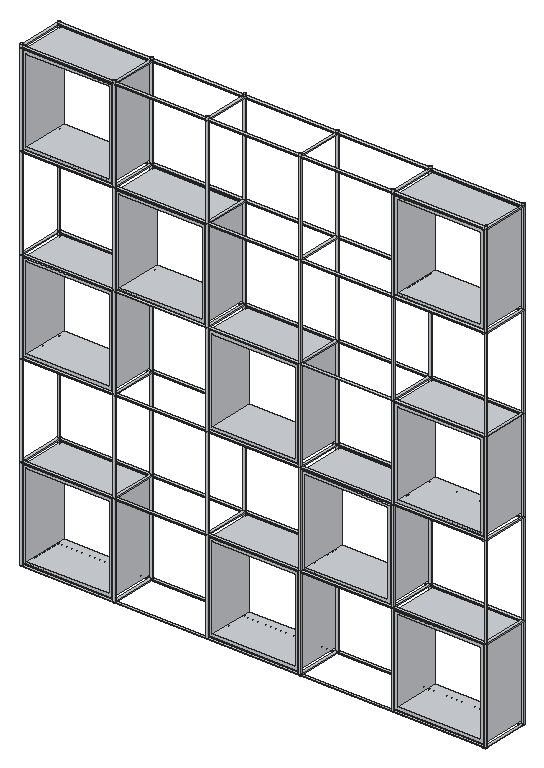
Revit family "Estante de Ferro Industrial - 5 x 5", category Mobiliário, Revit 2019
Family settings
  Número OmniClass = 23.40.20.00
  Título OmniClass = General Furniture and Specialties
  Com base no plano de trabalho = Não
  Sempre na vertical = Sim
  Corte com vazios quando carregada = Não
  Compartilhado = Não
  Ponto de cálculo do ambiente = Não
Parameters (values of type "Padrão")
  Profundidade [instance] = 20 cm
  Nicho = none
  Largura [instance] = 200 cm
  Estrutura = none
  Altura Nicho Horizontal [instance] = 18 cm
  Altura [instance] = 200 cm
Types (2, lengths in cm): name | Nicho | Estrutura
  Padrão | none | none
  200 x 200 x 20 | Madeira Nichos | Ferro Preto
Reference planes (cm)
  plane 1 "Centro (Frente/Trás)": y = 0
  plane 2: z = 0
  plane 3: x = 75
  plane 4: x = -124
  plane 5: y = 10
  plane 6: y = -10
  plane 7: z = 199
  plane 8: z = 39.8
  plane 9: z = 79.6
  plane 10: z = 119.4
  plane 11: z = 159.2
  plane 12: x = 35.2
  plane 13: x = -84.2
  plane 14: x = -4.6
  plane 15: x = -44.4
  plane 16: x = -124.5
  plane 17: x = 75.5
  plane 18: z = -0.5
  plane 19: z = 199.5
Forms (cm)
  Extrusion 1, solid, material <- "Estrutura"
    sketch origin (128.265, 32.5479, 0) x (1, 0, 0) y (0, 1, 0)
      loop
        circle (-53.265, -22.5479) r 0.5
      loop
        circle (-93.065, -22.5479) r 0.5
      loop
        circle (-132.865, -22.5479) r 0.5
      loop
        circle (-172.665, -22.5479) r 0.5
      loop
        circle (-212.465, -22.5479) r 0.5
      loop
        circle (-252.265, -22.5479) r 0.5
    from 0 to 200 <- "Altura"
  Extrusion 2, solid, material <- "Estrutura"
    sketch origin (0, 0, 0) x (0, 1, 0) y (0, 0, 1)
      loop
        circle (10, 199) r 0.5
      loop
        circle (10, 159.2) r 0.5
      loop
        circle (10, 39.8) r 0.5
      loop
        circle (10, 79.6) r 0.5
      loop
        circle (10, 119.4) r 0.5
      loop
        circle (10, 0) r 0.5
    from -124 to 75
  Extrusion 3, solid, material <- "Estrutura"
    sketch origin (0, -23.5, 0) x (0, 1, 0) y (0, 0, 1)
      loop
        circle (13.5, 199) r 0.5
      loop
        circle (13.5, 159.2) r 0.5
      loop
        circle (13.5, 39.8) r 0.5
      loop
        circle (13.5, 79.6) r 0.5
      loop
        circle (13.5, 119.4) r 0.5
      loop
        circle (13.5, 0) r 0.5
    from -124 to 75
  Extrusion 4, solid, material <- "Estrutura"
    sketch origin (128.265, 12.5479, 0) x (1, 0, 0) y (0, 1, 0)
      loop
        circle (-53.265, -22.5479) r 0.5
      loop
        circle (-93.065, -22.5479) r 0.5
      loop
        circle (-132.865, -22.5479) r 0.5
      loop
        circle (-172.665, -22.5479) r 0.5
      loop
        circle (-212.465, -22.5479) r 0.5
      loop
        circle (-252.265, -22.5479) r 0.5
    from 0 to 200 <- "Altura"
  Extrusion 5, solid, material <- "Estrutura"
    sketch origin (0, 0, 0) x (1, 0, 0) y (0, 0, 1)
      loop
        circle (-124, 199) r 0.5
      loop
        circle (-84.2, 199) r 0.5
      loop
        circle (-44.4, 199) r 0.5
      loop
        circle (-4.6, 199) r 0.5
      loop
        circle (35.2, 199) r 0.5
      loop
        circle (75, 199) r 0.5
      loop
        circle (-124, 159.2) r 0.5
      loop
        circle (-84.2, 159.2) r 0.5
      loop
        circle (-44.4, 159.2) r 0.5
      loop
        circle (-4.6, 159.2) r 0.5
      loop
        circle (35.2, 159.2) r 0.5
      loop
        circle (75, 159.2) r 0.5
      loop
        circle (-124, 119.4) r 0.5
      loop
        circle (-84.2, 119.4) r 0.5
      loop
        circle (-44.4, 119.4) r 0.5
      loop
        circle (-4.6, 119.4) r 0.5
      loop
        circle (35.2, 119.4) r 0.5
      loop
        circle (75, 119.4) r 0.5
      loop
        circle (-124, 79.6) r 0.5
      loop
        circle (-84.2, 79.6) r 0.5
      loop
        circle (-44.4, 79.6) r 0.5
      loop
        circle (-4.6, 79.6) r 0.5
      loop
        circle (35.2, 79.6) r 0.5
      loop
        circle (75, 79.6) r 0.5
      loop
        circle (-124, 39.8) r 0.5
      loop
        circle (-84.2, 39.8) r 0.5
      loop
        circle (-44.4, 39.8) r 0.5
      loop
        circle (-4.6, 39.8) r 0.5
      loop
        circle (35.2, 39.8) r 0.5
      loop
        circle (75, 39.8) r 0.5
      loop
        circle (-124, 0) r 0.5
      loop
        circle (-84.2, 0) r 0.5
      loop
        circle (-44.4, 0) r 0.5
      loop
        circle (-4.6, 0) r 0.5
      loop
        circle (35.2, 0) r 0.5
      loop
        circle (75, 0) r 0.5
    from -10 to 10
  Extrusion 6, solid, material <- "Nicho"
    sketch origin (0, 0, 0) x (1, 0, 0) y (0, 0, 1)
      loop
        line (-123, 80.6) -> (-85.2, 80.6) -> (-85.2, 118.4) -> (-123, 118.4) -> (-123, 80.6)
      loop
        line (-122, 117.4) -> (-122, 81.6) -> (-86.2, 81.6) -> (-86.2, 117.4) -> (-122, 117.4)
    from -10 to 10
  Extrusion 7, solid, material <- "Nicho"
    sketch origin (79.6, 0, 0) x (1, 0, 0) y (0, 0, 1)
      loop
        line (-123, 80.6) -> (-85.2, 80.6) -> (-85.2, 118.4) -> (-123, 118.4) -> (-123, 80.6)
      loop
        line (-122, 117.4) -> (-122, 81.6) -> (-86.2, 81.6) -> (-86.2, 117.4) -> (-122, 117.4)
    from -10 to 10
  Extrusion 8, solid, material <- "Nicho"
    sketch origin (159.2, 0, 0) x (1, 0, 0) y (0, 0, 1)
      loop
        line (-123, 80.6) -> (-85.2, 80.6) -> (-85.2, 118.4) -> (-123, 118.4) -> (-123, 80.6)
      loop
        line (-122, 117.4) -> (-122, 81.6) -> (-86.2, 81.6) -> (-86.2, 117.4) -> (-122, 117.4)
    from -10 to 10
  Extrusion 9, solid, material <- "Nicho"
    sketch origin (0, 0, -79.6) x (1, 0, 0) y (0, 0, 1)
      loop
        line (-123, 80.6) -> (-85.2, 80.6) -> (-85.2, 118.4) -> (-123, 118.4) -> (-123, 80.6)
      loop
        line (-122, 117.4) -> (-122, 81.6) -> (-86.2, 81.6) -> (-86.2, 117.4) -> (-122, 117.4)
    from -10 to 10
  Extrusion 10, solid, material <- "Nicho"
    sketch origin (79.6, 0, -79.6) x (1, 0, 0) y (0, 0, 1)
      loop
        line (-123, 80.6) -> (-85.2, 80.6) -> (-85.2, 118.4) -> (-123, 118.4) -> (-123, 80.6)
      loop
        line (-122, 117.4) -> (-122, 81.6) -> (-86.2, 81.6) -> (-86.2, 117.4) -> (-122, 117.4)
    from -10 to 10
  Extrusion 11, solid, material <- "Nicho"
    sketch origin (159.2, 0, -79.6) x (1, 0, 0) y (0, 0, 1)
      loop
        line (-123, 80.6) -> (-85.2, 80.6) -> (-85.2, 118.4) -> (-123, 118.4) -> (-123, 80.6)
      loop
        line (-122, 117.4) -> (-122, 81.6) -> (-86.2, 81.6) -> (-86.2, 117.4) -> (-122, 117.4)
    from -10 to 10
  Extrusion 12, solid, material <- "Nicho"
    sketch origin (0, 0, 79.6) x (1, 0, 0) y (0, 0, 1)
      loop
        line (-123, 80.6) -> (-85.2, 80.6) -> (-85.2, 118.4) -> (-123, 118.4) -> (-123, 80.6)
      loop
        line (-122, 117.4) -> (-122, 81.6) -> (-86.2, 81.6) -> (-86.2, 117.4) -> (-122, 117.4)
    from -10 to 10
  Extrusion 13, solid, material <- "Nicho"
    sketch origin (159.2, 0, 79.6) x (1, 0, 0) y (0, 0, 1)
      loop
        line (-123, 80.6) -> (-85.2, 80.6) -> (-85.2, 118.4) -> (-123, 118.4) -> (-123, 80.6)
      loop
        line (-122, 117.4) -> (-122, 81.6) -> (-86.2, 81.6) -> (-86.2, 117.4) -> (-122, 117.4)
    from -10 to 10
  Extrusion 14, solid, material <- "Nicho"
    sketch origin (39.8, 0, 39.6) x (1, 0, 0) y (0, 0, 1)
      loop
        line (-123, 80.6) -> (-85.2, 80.6) -> (-85.2, 118.4) -> (-123, 118.4) -> (-123, 80.6)
      loop
        line (-122, 117.4) -> (-122, 81.6) -> (-86.2, 81.6) -> (-86.2, 117.4) -> (-122, 117.4)
    from -10 to 10
  Extrusion 15, solid, material <- "Nicho"
    sketch origin (119.4, 0, -40) x (1, 0, 0) y (0, 0, 1)
      loop
        line (-123, 80.6) -> (-85.2, 80.6) -> (-85.2, 118.4) -> (-123, 118.4) -> (-123, 80.6)
      loop
        line (-122, 117.4) -> (-122, 81.6) -> (-86.2, 81.6) -> (-86.2, 117.4) -> (-122, 117.4)
    from -10 to 10
Dimensions and locks (cm)
  equal spacing: plane 5, plane 1 "Centro (Frente/Trás)", plane 6
  "Profundidade": plane 5 to plane 6
  equal spacing: plane 4, plane 13, plane 15, plane 14, plane 12, plane 3
  "Largura": plane 16 to plane 17
  equal spacing: plane 7, plane 11, plane 10, plane 9, plane 8, level
  "Altura": plane 19 to plane 18
  plane 5 to plane 6 = 20 cm
  locked: plane 16 to plane 4 at 0.5
  locked: plane 3 to plane 17 at 0.5
  locked: plane 19 to plane 7 at 0.5
  locked: level to plane 18 at 0.5
  plane 4 to Extrusion 6 sketch curve = 1 cm
  plane 13 to Extrusion 6 sketch curve = 1 cm
  plane 10 to Extrusion 6 sketch curve = 1 cm
  Extrusion 6 sketch curve to plane 9 = 1 cm
  Extrusion 7 sketch curve to plane 15 = 1 cm
  plane 10 to Extrusion 7 sketch curve = 1 cm
  plane 14 to Extrusion 7 sketch curve = 1 cm
  Extrusion 7 sketch curve to plane 9 = 1 cm
  plane 12 to Extrusion 8 sketch curve = 1 cm  (x2)
  plane 10 to Extrusion 8 sketch curve = 1 cm
  Extrusion 8 sketch curve to plane 9 = 1 cm
  aligned and locked: level to plane 2
  aligned and locked: plane 7 to Extrusion 2 sketch curve
  aligned and locked: plane 11 to Extrusion 2 sketch curve
  aligned and locked: plane 10 to Extrusion 2 sketch curve
  aligned and locked: plane 9 to Extrusion 2 sketch curve
  aligned and locked: plane 8 to Extrusion 2 sketch curve
  aligned and locked: level to Extrusion 2 sketch curve
  aligned and locked: Extrusion 2 to plane 3
  aligned and locked: plane 4 to Extrusion 2
  aligned and locked: plane 4 to Extrusion 1 sketch curve
  aligned and locked: plane 13 to Extrusion 1 sketch curve
  aligned and locked: plane 15 to Extrusion 1 sketch curve
  aligned and locked: plane 14 to Extrusion 1 sketch curve
  aligned and locked: plane 12 to Extrusion 1 sketch curve
  aligned and locked: plane 3 to Extrusion 1 sketch curve
  aligned and locked: plane 6 to Extrusion 3 sketch curve  (x6)
  aligned and locked: level to Extrusion 3 sketch curve
  aligned and locked: plane 8 to Extrusion 3 sketch curve
  aligned and locked: plane 9 to Extrusion 3 sketch curve
  aligned and locked: plane 10 to Extrusion 3 sketch curve
  aligned and locked: plane 11 to Extrusion 3 sketch curve
  aligned and locked: plane 7 to Extrusion 3 sketch curve
  aligned and locked: plane 4 to Extrusion 3
  aligned and locked: plane 6 to Extrusion 4
  aligned and locked: plane 4 to Extrusion 4 sketch curve
  aligned and locked: plane 13 to Extrusion 4 sketch curve
  aligned and locked: plane 15 to Extrusion 4 sketch curve
  aligned and locked: plane 14 to Extrusion 4 sketch curve
  aligned and locked: plane 12 to Extrusion 4 sketch curve
  aligned and locked: plane 3 to Extrusion 4 sketch curve
  aligned and locked: plane 6 to Extrusion 4 sketch curve  (x6)
  aligned and locked: plane 4 to Extrusion 5 sketch curve  (x6)
  aligned and locked: plane 7 to Extrusion 5 sketch curve  (x6)
  aligned and locked: plane 3 to Extrusion 5 sketch curve  (x6)
  aligned and locked: Extrusion 5 sketch curve to plane 12
  aligned and locked: plane 14 to Extrusion 5 sketch curve  (x6)
  aligned and locked: plane 15 to Extrusion 5 sketch curve  (x6)
  aligned and locked: Extrusion 5 sketch curve to plane 13
  aligned and locked: plane 13 to Extrusion 5 sketch curve  (x5)
  aligned and locked: plane 12 to Extrusion 5 sketch curve  (x5)
  aligned and locked: level to Extrusion 5 sketch curve  (x6)
  aligned and locked: plane 8 to Extrusion 5 sketch curve  (x5)
  aligned and locked: plane 9 to Extrusion 5 sketch curve  (x5)
  aligned and locked: plane 10 to Extrusion 5 sketch curve  (x6)
  aligned and locked: plane 11 to Extrusion 5 sketch curve  (x6)
  aligned and locked: plane 5 to Extrusion 5
  aligned and locked: Extrusion 5 to plane 6
  aligned and locked: plane 5 to Extrusion 6
  aligned and locked: Extrusion 6 to plane 6
Automatic sketch dimensions
  Extrusion 1 sketch curve to plane 5 = 0 cm  (x6)
  Extrusion 2 sketch curve to plane 5 = 0 cm  (x6)
  Extrusion 5 sketch curve to plane 8 = 0 cm
  Extrusion 5 sketch curve to plane 9 = 0 cm
  Extrusion 5 sketch curve to plane 11 = 0 cm
  Extrusion 6 sketch curve to Extrusion 6 sketch curve = 1 cm  (x4)
  Extrusion 7 sketch curve to Extrusion 7 sketch curve = 1 cm  (x4)
  Extrusion 8 sketch curve to Extrusion 8 sketch curve = 1 cm  (x3)
  plane 3 to Extrusion 8 sketch curve = 2 cm
  plane 3 to Extrusion 8 sketch curve = 1 cm
  Extrusion 9 sketch curve to plane 4 = 1 cm
  Extrusion 9 sketch curve to Extrusion 9 sketch curve = 1 cm  (x2)
  plane 13 to Extrusion 9 sketch curve = 2 cm
  plane 13 to Extrusion 9 sketch curve = 1 cm
  level to Extrusion 9 sketch curve = 1 cm
  Extrusion 9 sketch curve to plane 8 = 2 cm
  Extrusion 9 sketch curve to plane 8 = 1 cm
  plane 15 to Extrusion 10 sketch curve = 1 cm
  Extrusion 10 sketch curve to Extrusion 10 sketch curve = 1 cm  (x2)
  Extrusion 10 sketch curve to plane 14 = 2 cm
  Extrusion 10 sketch curve to plane 14 = 1 cm
  level to Extrusion 10 sketch curve = 1 cm
  Extrusion 10 sketch curve to plane 8 = 2 cm
  Extrusion 10 sketch curve to plane 8 = 1 cm
  Extrusion 11 sketch curve to plane 12 = 1 cm
  Extrusion 11 sketch curve to Extrusion 11 sketch curve = 1 cm  (x2)
  plane 3 to Extrusion 11 sketch curve = 2 cm
  plane 3 to Extrusion 11 sketch curve = 1 cm
  level to Extrusion 11 sketch curve = 1 cm
  Extrusion 11 sketch curve to plane 8 = 2 cm
  Extrusion 11 sketch curve to plane 8 = 1 cm
  Extrusion 12 sketch curve to plane 4 = 1 cm
  Extrusion 12 sketch curve to Extrusion 12 sketch curve = 1 cm  (x2)
  plane 13 to Extrusion 12 sketch curve = 2 cm
  plane 13 to Extrusion 12 sketch curve = 1 cm
  plane 11 to Extrusion 12 sketch curve = 1 cm
  Extrusion 12 sketch curve to plane 7 = 2 cm
  Extrusion 12 sketch curve to plane 7 = 1 cm
  Extrusion 13 sketch curve to plane 12 = 1 cm
  Extrusion 13 sketch curve to Extrusion 13 sketch curve = 1 cm  (x2)
  plane 3 to Extrusion 13 sketch curve = 2 cm
  plane 3 to Extrusion 13 sketch curve = 1 cm
  plane 11 to Extrusion 13 sketch curve = 1 cm
  Extrusion 13 sketch curve to plane 7 = 2 cm
  Extrusion 13 sketch curve to plane 7 = 1 cm
  Extrusion 14 sketch curve to plane 13 = 1 cm
  Extrusion 14 sketch curve to Extrusion 14 sketch curve = 1 cm  (x2)
  Extrusion 14 sketch curve to plane 15 = 2 cm
  Extrusion 14 sketch curve to plane 15 = 1 cm
  plane 10 to Extrusion 14 sketch curve = 0.8 cm
  Extrusion 14 sketch curve to plane 11 = 2.2 cm
  Extrusion 14 sketch curve to plane 11 = 1.2 cm
  plane 14 to Extrusion 15 sketch curve = 1 cm
  Extrusion 15 sketch curve to Extrusion 15 sketch curve = 1 cm  (x2)
  plane 12 to Extrusion 15 sketch curve = 2 cm
  plane 12 to Extrusion 15 sketch curve = 1 cm
  plane 8 to Extrusion 15 sketch curve = 0.8 cm
  Extrusion 15 sketch curve to plane 9 = 2.2 cm
  Extrusion 15 sketch curve to plane 9 = 1.2 cm
  radius of Extrusion 1 sketch curve = 0.5 cm  (x6)
  radius of Extrusion 2 sketch curve = 0.5 cm  (x6)
  radius of Extrusion 3 sketch curve = 0.5 cm  (x6)
  radius of Extrusion 4 sketch curve = 0.5 cm  (x6)
  radius of Extrusion 5 sketch curve = 0.5 cm  (x36)
